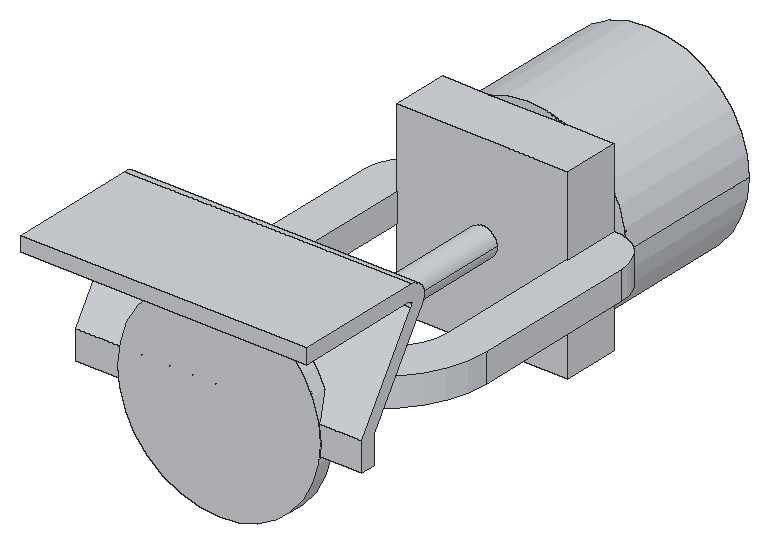
Revit family
Parameters (values of type "RASCO F156 HSW")
  Temperature Rating = 200 °F
  Response = (empty or 0)
  RASCO SIN # = "RA1335"
  RASCO Part # = "F56H2B"
  Pressure Rating = "175 PSI"
  Pressure Class = (empty or 0)
  Orifice Size = 1/2"
  Orifice = (empty or 0)
  Model = "F156"
  Manufacturer = "RASCO"
  K-Factor = 5.6
  Description = "Bronze Finish"
  Coverage = (empty or 0)
Reference planes (in)
  plane 1 "Center (Front/Back)": y = 0
  plane 2: z = 0
  plane 3 "Center (Left/Right)": x = 0
Dimensions and locks (in)
  aligned and locked: plane 2 to level
Nested families (in)
  nested 1: "F56H2B" at (0, 0, -0.55466), type "RASCO F156 HSW"
Connectors (in)
  piping at (-0.01236, 1.34926, 0.70118)
    settings: on nested 1, index 1, connector radius 55/128", flow factor 0, pipe flow 0 GPM, pressure drop 0.00 psi, fitting loss kfactor 0, connector angle 0.00°, fixture units 0, flow configuration 0, flow direction 0, fitting loss method 0, system type 7, connector reference index -1, connector utility 0, adjustable connector no, is connector primary yes, fitting loss table "", connector description ""
Definition of nested family "F56H2B"
  Parameters (values of type "RASCO F156 HSW")
    Type Comments = ""
    Temperature Rating = 0 °F
    Response = (empty or 0)
    Pressure Rating = "0"
    Pressure Class = (empty or 0)
    Orifice Size = 0"
    Orifice = (empty or 0)
    Model = ""
    Manufacturer = ""
    K-Factor = 0
    Description = ""
    Coverage = (empty or 0)
    Assembly Code = ""
  Reference planes (in)
    plane 1 "Center (Front/Back)": y = 0
    plane 2: z = 0
    plane 3 "ref.2": z = 0.6875
    plane 4 "ref.3": z = 0.9375
    plane 5: x = -0.38065
    plane 6: x = 0.36935
    plane 7 "ref. side 1": y = 0.06402
    plane 8 "ref. side 2": y = -0.06098
    plane 9 "ref.4": z = 1.875
    plane 10 "ref.5": z = 2.3125
    plane 11 "ref.6": z = 2.4375
    plane 12 "center": x = -0.00574
  Forms (in)
    Extrusion 1, solid
      sketch origin (-0.01236, 1.37309, 1.25584) x (-1, 0, 0) y (0, 0, -1)
        loop
          circle (0, 0) r 0.4379
      from 0.02383 to 0.6875
    Extrusion 2, solid
      sketch origin (0.10949, 0.68559, 1.20407) x (-1, 0, 0) y (0, 0, -1)
        loop
          line (-0.2588, 0.356) -> (-0.2588, -0.4565) -> (0.4912, -0.4565) -> (0.4912, 0.356) -> (-0.2588, 0.356)
      from 0 to 0.25
    Extrusion 3, solid
      sketch origin (-0.01236, 1.3722, 1.25584) x (-1, 0, 0) y (0, -1, 0)
        loop
          line (-0.38065, 0.68754) -> (-0.38065, 1.58397)
          arc (-0.38065, 1.58397) -> (-0.29541, 1.78976) -> (-0.08962, 1.875) r 0.29103
          line (-0.08962, 1.875) -> (0.07524, 1.875)
          arc (0.07524, 1.875) -> (0.28321, 1.78886) -> (0.36935, 1.58089) r 0.29411
          line (0.36935, 1.58089) -> (0.36935, 0.68751)
          arc (0.36935, 0.68751) -> (0.50207, 0.74393) -> (0.55685, 0.87734) r 0.18984
          line (0.55685, 0.87734) -> (0.55685, 1.61676)
          arc (0.55685, 1.61676) -> (0.42629, 1.93194) -> (0.11111, 2.0625) r 0.44574
          line (0.11111, 2.0625) -> (-0.12259, 2.0625)
          arc (-0.12259, 2.0625) -> (-0.43765, 1.932) -> (-0.56815, 1.61694) r 0.44556
          line (-0.56815, 1.61694) -> (-0.56815, 0.87876)
          arc (-0.56815, 0.87876) -> (-0.51345, 0.74486) -> (-0.38065, 0.68754) r 0.19126
      from -0.06402 to 0.06098
    Extrusion 4, solid
      sketch origin (-0.01236, 0.43559, 1.25584) x (1, 0, 0) y (0, 0, 1)
        loop
          circle (0.00574, -0.00152) r 0.0625
      from 0 to 0.9375
    Extrusion 5, solid
      sketch origin (-0.01236, -0.50191, 1.25584) x (1, 0, 0) y (0, 0, 1)
        loop
          circle (0.00574, -0.00152) r 0.1875
      from 0 to 0.4375
    Extrusion 6, solid
      sketch origin (-0.01236, -0.89954, 1.2504) x (-1, 0, 0) y (0, 0, 1)
        loop
          circle (-0.00574, -0.00152) r 0.44275
      from -0.10531 to -0.03987
    Extrusion 7, solid
      sketch origin (-0.00662, 1.2679, 1.26334) x (0, -1, 0) y (0, 0, 1)
        loop
          line (2.27263, -0.06402) -> (2.27263, 0.06098) -> (2.00466, 0.4658)
          arc (2.00466, 0.4658) -> (2.00382, 0.48409) -> (2.01953, 0.49348) r 0.01783
          line (2.01953, 0.49348) -> (2.57559, 0.49348) -> (2.57559, 0.55848) -> (2.00257, 0.55848)
          arc (2.00257, 0.55848) -> (1.94355, 0.52319) -> (1.9467, 0.4545) r 0.067
          line (1.9467, 0.4545) -> (2.20719, 0.06098) -> (2.20719, -0.06402) -> (2.27263, -0.06402)
      from -0.62515 to 0.62904
  Cuts and joins
    joined: Extrusion 1, Extrusion 2, Extrusion 4
